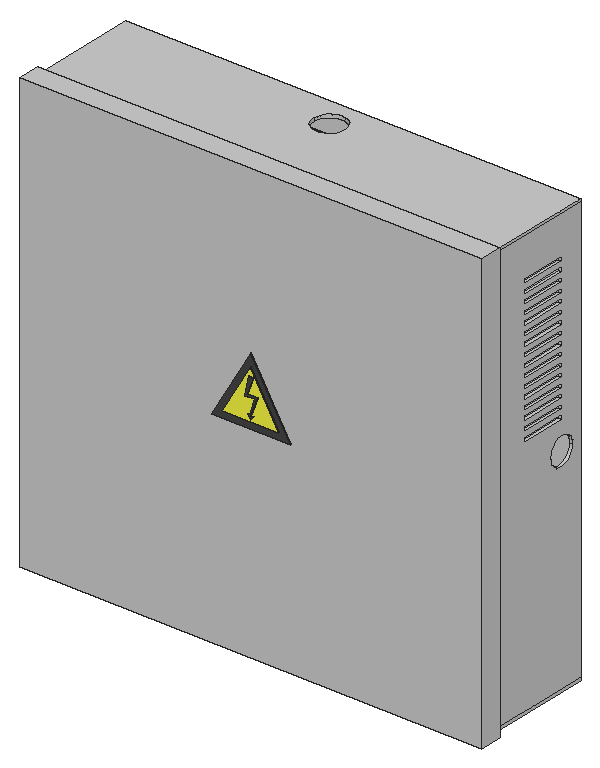
Revit family "STS-408К_RV17_LOD_400", category Электрооборудование, Revit 2017
Family settings
  Конфигурация панели = Два столбца, слева направо
  Размер круглого соединителя = Использовать диаметр
  Тип детали = Щит
  На основе рабочей плоскости = Нет
  Всегда вертикально = Да
  При загрузке вырезать с полостями = Нет
  Общий = Нет
  Точка расчета площади = Нет
Parameters (values of type "STS-408K")
  Стандарт интерфейса связи = "10 Base-T Ethernet (гнездо RJ-45)"
  Смещение_УГО_Y [instance] = 0 mm
  Смещение_УГО_X [instance] = 0 mm
  Раздел проекта [instance] = ""
  Раздел Спецификации [instance] = ""
  Напряжение электропитания переменного однофазного тока, В / Гц = 12
  Напряжение = "220"
  Максимальный ток, проходящий через реле, не более, А (для 28В) = 4 A
  Максимальный ток, проходящий через реле, не более, А (для 220В) = 2 A
  Максимальный потребляемый контроллером ток от сети переменного тока (без доп. внешних потребителей), А = 0.1 A
  Максимальное удаление считывающих = 100 mm
  Максимальное количество ключей = 40000
  Максимальное количество = 8
  Максимальное время работы в = 24
  Количество реле, шт. = 4
  Количество подключаемых устройств, = "2(4)"
  Количество подключаемых = 4
  Интерфейс считывающих устройств (1) = "Wiegand 40/42"
  Интерфейс считывающих устройств = "Wiegand 26"
  Интерфейс для подключения внешних = "RS-485"
  Видимость_дверь [instance] = yes
  В_Смещение_УГО_Y [instance] = Смещение_УГО_Y + 2000 mm  # 2000 mm
  В_Смещение_УГО_X [instance] = Смещение_УГО_X + 2000 mm  # 2000 mm
  АКБ [instance] = yes
  d короба [instance] = 20 mm
  ADSK_Размер_Ширина = 293 mm
  ADSK_Размер_Глубина = 84 mm
  ADSK_Размер_Высота = 278 mm
  ADSK_Примечание = ""
  ADSK_Наименование = "STS-408K"
  ADSK_Масса = 1.8
  ADSK_Марка = "СТВФ.426469.105"
  ADSK_Количество = 1
  ADSK_Завод-изготовитель = "ООО «Основа Безопасности»"  # constant formula
  ADSK_Единица измерения = "шт."  # constant formula
  ADSK_URL страницы изделия = "https://stilsoft.ru/products/sts-408k"
  ADSK_URL документации изделия = ""
Reference planes
  plane 1 "По центру (Вперед/Назад)": y = 0
  plane 2: z = 0
  plane 3 "По центру (Влево/Вправо)": x = 0
  plane 4: x = 146.5
  plane 5: x = -146.5
  plane 6 "0": y = -84
  plane 7: z = 278
  plane 8: x = -144.5
  plane 9 "левая грань": x = -144
  plane 10: x = -142
  plane 11: x = 144.5
  plane 12 "правая грань": x = 144
  plane 13: x = 142
  plane 14: y = -3
  plane 15 "стенка": y = -5
  plane 16 "дверь": y = -82
  plane 17: y = -81
  plane 18: y = -80
  plane 19 "вверх": z = 276
  plane 20: z = 274
  plane 21: z = 2
  plane 22: z = 4
  plane 23: y = 0
  plane 24: x = 0
  plane 25: y = 2000
  plane 26: x = -2000
Forms (mm)
  Extrusion 1, solid, material "корпус", detail levels medium+fine
    sketch origin (0, 0, 0) x (1, 0, 0) y (0, 1, 0)
      loop
        line (-142, -81) -> (-142, -5) -> (142, -5) -> (142, -81) -> (144, -81) -> (144, -3) -> (-144, -3) -> (-144, -81) -> (-142, -81)
    from 4 to 274
  Extrusion 2, solid, material "корпус", detail levels medium+fine
    sketch origin (0, 0, 0) x (1, 0, 0) y (0, 1, 0)
      loop
        line (-144, -3) -> (-144, -81) -> (144, -81) -> (144, -3) -> (-144, -3)
    from 2 to 4
  Extrusion 3, solid, material "корпус", detail levels medium+fine
    sketch origin (0, 0, 0) x (1, 0, 0) y (0, 1, 0)
      loop
        line (-144, -3) -> (-144, -81) -> (144, -81) -> (144, -3) -> (-144, -3)
    from 274 to 276
  Extrusion 4, solid, material "корпус", visible <- "Видимость_дверь", detail levels medium+fine
    sketch origin (0, -82, 0) x (-1, 0, 0) y (0, 0, 1)
      loop
        line (146.5, 278) -> (-146.5, 278) -> (-146.5, 0) -> (146.5, 0) -> (146.5, 278)
    from 0 to -2
  Extrusion 5, solid, material "корпус", visible <- "Видимость_дверь", detail levels medium+fine
    sketch origin (0, -82, 0) x (-1, 0, 0) y (0, 0, 1)
      loop
        line (146.5, 278) -> (-146.5, 278) -> (-146.5, 0) -> (146.5, 0) -> (146.5, 278)
      loop
        line (144.5, 276) -> (-144.5, 276) -> (-144.5, 2) -> (144.5, 2) -> (144.5, 276)
    from 0 to 12
  Extrusion 6, void, detail levels fine
    sketch origin (0, 0, 276) x (-1, 0, 0) y (0, -1, 0)
      loop
        circle (0, 22) r 10
    from 0 to -2
  Extrusion 7, void, detail levels fine
    sketch origin (-144, 0, 0) x (0, 1, 0) y (0, 0, 1)
      loop
        line (-18, 250) -> (-48, 250) -> (-48, 247) -> (-18, 247) -> (-18, 250)
      loop
        line (-18, 244) -> (-48, 244) -> (-48, 241) -> (-18, 241) -> (-18, 244)
      loop
        line (-18, 238) -> (-48, 238) -> (-48, 235) -> (-18, 235) -> (-18, 238)
      loop
        line (-18, 232) -> (-48, 232) -> (-48, 229) -> (-18, 229) -> (-18, 232)
      loop
        line (-18, 226) -> (-48, 226) -> (-48, 223) -> (-18, 223) -> (-18, 226)
      loop
        line (-18, 220) -> (-48, 220) -> (-48, 217) -> (-18, 217) -> (-18, 220)
      loop
        line (-18, 214) -> (-48, 214) -> (-48, 211) -> (-18, 211) -> (-18, 214)
      loop
        line (-18, 208) -> (-48, 208) -> (-48, 205) -> (-18, 205) -> (-18, 208)
      loop
        line (-18, 202) -> (-48, 202) -> (-48, 199) -> (-18, 199) -> (-18, 202)
      loop
        line (-18, 196) -> (-48, 196) -> (-48, 193) -> (-18, 193) -> (-18, 196)
      loop
        line (-18, 190) -> (-48, 190) -> (-48, 187) -> (-18, 187) -> (-18, 190)
      loop
        line (-18, 184) -> (-48, 184) -> (-48, 181) -> (-18, 181) -> (-18, 184)
      loop
        line (-18, 178) -> (-48, 178) -> (-48, 175) -> (-18, 175) -> (-18, 178)
      loop
        line (-18, 172) -> (-48, 172) -> (-48, 169) -> (-18, 169) -> (-18, 172)
      loop
        line (-18, 166) -> (-48, 166) -> (-48, 163) -> (-18, 163) -> (-18, 166)
      loop
        line (-18, 160) -> (-48, 160) -> (-48, 157) -> (-18, 157) -> (-18, 160)
    from 0 to 2
  Extrusion 8, void, detail levels fine
    sketch origin (-144, 0, 0) x (0, 1, 0) y (0, 0, 1)
      loop
        circle (-18, 139) r 9
    from 0 to 2
  Extrusion 9, void, detail levels fine
    sketch origin (144, 0, 0) x (0, -1, 0) y (0, 0, 1)
      loop
        line (18, 250) -> (18, 247) -> (48, 247) -> (48, 250) -> (18, 250)
      loop
        line (18, 244) -> (18, 241) -> (48, 241) -> (48, 244) -> (18, 244)
      loop
        line (18, 238) -> (18, 235) -> (48, 235) -> (48, 238) -> (18, 238)
      loop
        line (18, 232) -> (18, 229) -> (48, 229) -> (48, 232) -> (18, 232)
      loop
        line (18, 226) -> (18, 223) -> (48, 223) -> (48, 226) -> (18, 226)
      loop
        line (18, 220) -> (18, 217) -> (48, 217) -> (48, 220) -> (18, 220)
      loop
        line (18, 214) -> (18, 211) -> (48, 211) -> (48, 214) -> (18, 214)
      loop
        line (18, 208) -> (18, 205) -> (48, 205) -> (48, 208) -> (18, 208)
      loop
        line (18, 202) -> (18, 199) -> (48, 199) -> (48, 202) -> (18, 202)
      loop
        line (18, 196) -> (18, 193) -> (48, 193) -> (48, 196) -> (18, 196)
      loop
        line (18, 190) -> (18, 187) -> (48, 187) -> (48, 190) -> (18, 190)
      loop
        line (18, 184) -> (18, 181) -> (48, 181) -> (48, 184) -> (18, 184)
      loop
        line (18, 178) -> (18, 175) -> (48, 175) -> (48, 178) -> (18, 178)
      loop
        line (18, 172) -> (18, 169) -> (48, 169) -> (48, 172) -> (18, 172)
      loop
        line (18, 166) -> (18, 163) -> (48, 163) -> (48, 166) -> (18, 166)
      loop
        line (18, 160) -> (18, 157) -> (48, 157) -> (48, 160) -> (18, 160)
    from 0 to 2
  Extrusion 10, void, detail levels fine
    sketch origin (144, 0, 0) x (0, -1, 0) y (0, 0, 1)
      loop
        circle (18, 139) r 9
    from 0 to 2
  Extrusion 11, void, detail levels fine
    sketch origin (0, 0, 0) x (1, 0, 0) y (0, 1, 0)
      loop
        circle (-130, -19) r 10
    from 2 to 4
  Extrusion 12, solid, detail levels fine
    sketch origin (0, -5, 0) x (-1, 0, 0) y (0, 0, 1)
      loop
        line (89.5, 258) -> (-80.5, 258) -> (-80.5, 170) -> (89.5, 170) -> (89.5, 258)
    from 0 to -1
  Extrusion 13, solid, detail levels fine
    sketch origin (0, -5, 0) x (-1, 0, 0) y (0, 0, 1)
      loop
        line (128.5, 16) -> (128.5, 151) -> (68.5, 151) -> (68.5, 16) -> (128.5, 16)
    from 0 to -1
  Extrusion 14, solid, material "ЗНАЧЕК (1)", visible <- "Видимость_дверь", detail levels fine
    sketch origin (0, -84, 0) x (1, 0, 0) y (0, 0, 1)
      loop
        line (25, 130) -> (0, 173) -> (-25, 130) -> (25, 130)
    from 0 to 0.2
  Extrusion 15, solid, material "ЗНАЧЕК (2)", visible <- "Видимость_дверь", detail levels fine
    sketch origin (0, -84, 0) x (1, 0, 0) y (0, 0, 1)
      loop
        line (18, 134) -> (0, 165) -> (-18, 134) -> (18, 134)
    from 0 to 0.3
  Extrusion 16, solid, material "ЗНАЧЕК (1)"
    sketch origin (0, -84, 0) x (1, 0, 0) y (0, 0, 1)
      loop
        line (0, 159.8) -> (-1.4, 159.8) -> (-4.015, 147.497) -> (2.6, 148.075) -> (-0.309, 137.932) -> (-1.555, 137.932) -> (0, 135.238) -> (1.886, 137.932) -> (0.321, 137.932) -> (4.567, 149.598) -> (-2.041, 149.251) -> (1.799, 159.8) -> (0, 159.8)
    from 0 to 0.4
Cuts and joins
  joined: Extrusion 4, Extrusion 5
  Extrusion 6 cuts Extrusion 3
  Extrusion 7, Extrusion 8, Extrusion 9, Extrusion 10 cuts Extrusion 1
  Extrusion 11 cuts Extrusion 2
Dimensions and locks
  "ADSK_Размер_Ширина": plane 5 to plane 4
  "ADSK_Размер_Глубина": plane 6 "0" to plane 1 "По центру (Вперед/Назад)"
  "ADSK_Размер_Высота": plane 7 to level
  locked: plane 25 to plane 1 "По центру (Вперед/Назад)" at 2000
  locked: plane 26 to plane 3 "По центру (Влево/Вправо)" at 2000
  "В_Смещение_УГО_X": plane 26 to plane 24
  "В_Смещение_УГО_Y": plane 23 to plane 25
  aligned and locked: level to plane 2
  aligned and locked: nested 1 to plane 23
  aligned and locked: plane 24 to nested 1
  aligned and locked: nested 2 to cut or joined group of Extrusion 2, Extrusion 11
  aligned and locked: nested 2 to cut or joined group of Extrusion 1, Extrusion 7, Extrusion 8, Extrusion 9, Extrusion 10  (x2)
Automatic sketch dimensions
  Extrusion 1 sketch curve to plane 9 "левая грань" = 0 mm
  Extrusion 1 sketch curve to plane 10 = 0 mm
  Extrusion 1 sketch curve to plane 13 = 0 mm
  Extrusion 1 sketch curve to plane 12 "правая грань" = 0 mm
  Extrusion 1 sketch curve to plane 17 = 0 mm  (x2)
  Extrusion 1 sketch curve to plane 15 "стенка" = 0 mm
  Extrusion 1 sketch curve to plane 14 = 0 mm
  Extrusion 2 sketch curve to plane 9 "левая грань" = 0 mm
  Extrusion 2 sketch curve to plane 12 "правая грань" = 0 mm
  Extrusion 2 sketch curve to plane 17 = 0 mm
  Extrusion 2 sketch curve to plane 14 = 0 mm
  Extrusion 3 sketch curve to plane 9 "левая грань" = 0 mm
  Extrusion 3 sketch curve to plane 12 "правая грань" = 0 mm
  Extrusion 3 sketch curve to plane 17 = 0 mm
  Extrusion 3 sketch curve to plane 14 = 0 mm
  Extrusion 4 sketch curve to plane 4 = 0 mm
  Extrusion 4 sketch curve to level = 0 mm
  plane 5 to Extrusion 4 sketch curve = 0 mm
  Extrusion 4 sketch curve to plane 7 = 0 mm
  Extrusion 5 sketch curve to plane 4 = 0 mm
  plane 11 to Extrusion 5 sketch curve = 0 mm
  Extrusion 5 sketch curve to plane 8 = 0 mm
  plane 5 to Extrusion 5 sketch curve = 0 mm
  Extrusion 5 sketch curve to level = 0 mm
  Extrusion 5 sketch curve to plane 21 = 0 mm
  Extrusion 5 sketch curve to plane 19 "вверх" = 0 mm
  Extrusion 5 sketch curve to plane 7 = 0 mm
  Extrusion 6 sketch curve to plane 3 "По центру (Влево/Вправо)" = 0 mm
  Extrusion 6 sketch curve to plane 15 "стенка" = 17 mm
  plane 18 to Extrusion 7 sketch curve = 32 mm  (x2)
  Extrusion 7 sketch curve to Extrusion 7 sketch curve = 0 mm  (x29)
  Extrusion 7 sketch curve to plane 15 "стенка" = 13 mm
  Extrusion 7 sketch curve to plane 20 = 117 mm
  Extrusion 7 sketch curve to Extrusion 7 sketch curve = 3 mm  (x31)
  Extrusion 8 sketch curve to plane 15 "стенка" = 13 mm
  Extrusion 8 sketch curve to plane 20 = 135 mm
  Extrusion 9 sketch curve to plane 15 "стенка" = 13 mm  (x2)
  Extrusion 9 sketch curve to Extrusion 9 sketch curve = 0 mm  (x29)
  Extrusion 9 sketch curve to Extrusion 9 sketch curve = 30 mm
  Extrusion 9 sketch curve to plane 20 = 117 mm
  Extrusion 9 sketch curve to Extrusion 9 sketch curve = 3 mm  (x31)
  Extrusion 10 sketch curve to plane 15 "стенка" = 13 mm
  Extrusion 10 sketch curve to plane 20 = 135 mm
  plane 10 to Extrusion 11 sketch curve = 12 mm
  Extrusion 11 sketch curve to plane 15 "стенка" = 14 mm
  plane 13 to Extrusion 12 sketch curve = 61.5 mm
  Extrusion 12 sketch curve to Extrusion 12 sketch curve = 88 mm
  plane 10 to Extrusion 12 sketch curve = 52.5 mm
  Extrusion 12 sketch curve to plane 20 = 16 mm
  plane 10 to Extrusion 13 sketch curve = 13.5 mm
  Extrusion 13 sketch curve to Extrusion 13 sketch curve = 60 mm
  Extrusion 13 sketch curve to plane 20 = 123 mm
  plane 22 to Extrusion 13 sketch curve = 12 mm
  plane 3 "По центру (Влево/Вправо)" to Extrusion 14 sketch curve = 25 mm
  Extrusion 14 sketch curve to plane 20 = 101 mm
  Extrusion 14 sketch curve to plane 3 "По центру (Влево/Вправо)" = 25 mm
  Extrusion 14 sketch curve to plane 3 "По центру (Влево/Вправо)" = 0 mm
  Extrusion 14 sketch curve to Extrusion 14 sketch curve = 43 mm
  Extrusion 15 sketch curve to plane 3 "По центру (Влево/Вправо)" = 0 mm
  plane 3 "По центру (Влево/Вправо)" to Extrusion 15 sketch curve = 18 mm
  Extrusion 15 sketch curve to plane 3 "По центру (Влево/Вправо)" = 18 mm
  plane 22 to Extrusion 15 sketch curve = 130 mm
  Extrusion 15 sketch curve to Extrusion 15 sketch curve = 31 mm
  Extrusion 16 sketch curve to plane 3 "По центру (Влево/Вправо)" = 0 mm  (x2)
  Extrusion 16 sketch curve to plane 3 "По центру (Влево/Вправо)" = 0.309 mm
  Extrusion 16 sketch curve to plane 3 "По центру (Влево/Вправо)" = 1.4 mm
  Extrusion 16 sketch curve to Extrusion 16 sketch curve = 1.246 mm
  Extrusion 16 sketch curve to plane 3 "По центру (Влево/Вправо)" = 4.015 mm
  plane 3 "По центру (Влево/Вправо)" to Extrusion 16 sketch curve = 0.321 mm
  plane 3 "По центру (Влево/Вправо)" to Extrusion 16 sketch curve = 1.799 mm
  Extrusion 16 sketch curve to Extrusion 16 sketch curve = 1.565 mm
  plane 3 "По центру (Влево/Вправо)" to Extrusion 16 sketch curve = 2.6 mm
  Extrusion 16 sketch curve to Extrusion 16 sketch curve = 1.968 mm
  plane 22 to Extrusion 16 sketch curve = 131.238 mm
  Extrusion 16 sketch curve to Extrusion 16 sketch curve = 2.694 mm
  Extrusion 16 sketch curve to Extrusion 16 sketch curve = 0 mm
  Extrusion 16 sketch curve to Extrusion 16 sketch curve = 9.564 mm
  Extrusion 16 sketch curve to Extrusion 16 sketch curve = 0.579 mm
  Extrusion 16 sketch curve to Extrusion 16 sketch curve = 1.522 mm
  Extrusion 16 sketch curve to plane 3 "По центру (Влево/Вправо)" = 2.041 mm
  Extrusion 16 sketch curve to Extrusion 16 sketch curve = 1.755 mm
  Extrusion 16 sketch curve to Extrusion 16 sketch curve = 10.549 mm
  radius of Extrusion 6 sketch curve = 10 mm
  radius of Extrusion 8 sketch curve = 9 mm
  radius of Extrusion 10 sketch curve = 9 mm
  radius of Extrusion 11 sketch curve = 10 mm
Nested families
  nested 1: "УГО_Контроллер" at (0, 0, 0), type "УГО_Контроллер"
  nested 2: "АКБ" at (66.5, -5, 4), visible <- "АКБ", type "АКБ"
Connectors
  electrical at (0, -22, 274)
    settings: on cut or joined group of Extrusion 3, Extrusion 6, index 1, voltage 0 V, apparent load 0 VA, apparent load phase1 0 VA, apparent load phase2 0 VA, apparent load phase3 0 VA, power factor 1, load classification "Прочее", number of poles 1, system type 31, power factor state 1, is connector primary yes, connector utility no, sub classification motor no, connector description ""
  cabletrayconduit at (0, -22, 276), diameter 20, driven by "d короба"
    settings: on cut or joined group of Extrusion 3, Extrusion 6, index 2, connector width 300 mm, connector height 300 mm, connector angle 0.00°, system type 32, placement type 0, profile type 0, connector reference index -1, is primary connector yes, connector utility param no, connector description ""
  electrical at (142, -18, 139)
    settings: on cut or joined group of Extrusion 1, Extrusion 7, Extrusion 8, Extrusion 9, Extrusion 10, index 3, voltage 0 V, apparent load 0 VA, apparent load phase1 0 VA, apparent load phase2 0 VA, apparent load phase3 0 VA, power factor 1, load classification "Прочее", number of poles 1, system type 14, power factor state 1, is connector primary no, connector utility no, sub classification motor no, connector description ""
  cabletrayconduit at (142, -18, 139), diameter 20, driven by "d короба"
    settings: on cut or joined group of Extrusion 1, Extrusion 7, Extrusion 8, Extrusion 9, Extrusion 10, index 4, connector width 300 mm, connector height 300 mm, connector angle 0.00°, system type 32, placement type 0, profile type 0, connector reference index -1, is primary connector no, connector utility param no, connector description ""
  electrical at (-142, -18, 139)
    settings: on cut or joined group of Extrusion 1, Extrusion 7, Extrusion 8, Extrusion 9, Extrusion 10, index 5, voltage 0 V, apparent load 0 VA, apparent load phase1 0 VA, apparent load phase2 0 VA, apparent load phase3 0 VA, power factor 1, load classification "Прочее", number of poles 1, system type 14, power factor state 1, is connector primary no, connector utility no, sub classification motor no, connector description ""
  cabletrayconduit at (-142, -18, 139), diameter 20, driven by "d короба"
    settings: on cut or joined group of Extrusion 1, Extrusion 7, Extrusion 8, Extrusion 9, Extrusion 10, index 6, connector width 300 mm, connector height 300 mm, connector angle 0.00°, system type 32, placement type 0, profile type 0, connector reference index -1, is primary connector no, connector utility param no, connector description ""
  electrical at (-130, -19, 4)
    settings: on cut or joined group of Extrusion 2, Extrusion 11, index 7, voltage 0 V, apparent load 0 VA, apparent load phase1 0 VA, apparent load phase2 0 VA, apparent load phase3 0 VA, power factor 1, load classification "Прочее", number of poles 1, system type 14, power factor state 1, is connector primary no, connector utility no, sub classification motor no, connector description ""
  cabletrayconduit at (-130, -19, 4), diameter 20, driven by "d короба"
    settings: on cut or joined group of Extrusion 2, Extrusion 11, index 8, connector width 300 mm, connector height 300 mm, connector angle 0.00°, system type 32, placement type 0, profile type 0, connector reference index -1, is primary connector no, connector utility param no, connector description ""
Definition of nested family "АКБ"
  Parameters (values of type "АКБ")
    ADSK_Размер_Ширина = 151 mm
    ADSK_Размер_Глубина = 65 mm
    ADSK_Размер_Высота = 92 mm
  Reference planes
    plane 1 "По центру (Вперед/Назад)": y = 0
    plane 2: z = 0
    plane 3 "По центру (Влево/Вправо)": x = 0
    plane 4: y = -65
    plane 5: x = 75.5
    plane 6: x = -75.5
    plane 7: z = 92
  Forms (mm)
    Extrusion 1, solid
      sketch origin (0, 0, 0) x (1, 0, 0) y (0, 1, 0)
        loop
          line (-75.5, 0) -> (-75.5, -65) -> (75.5, -65) -> (75.5, 0) -> (-75.5, 0)
      from 0 to 92
  Dimensions and locks
    "ADSK_Размер_Ширина": plane 6 to plane 5
    "ADSK_Размер_Глубина": plane 4 to plane 1 "По центру (Вперед/Назад)"
    "ADSK_Размер_Высота": plane 7 to level
    aligned and locked: level to plane 2
  Automatic sketch dimensions
    Extrusion 1 sketch curve to plane 4 = 0 mm
    Extrusion 1 sketch curve to plane 6 = 0 mm
    Extrusion 1 sketch curve to plane 5 = 0 mm
    plane 1 "По центру (Вперед/Назад)" to Extrusion 1 sketch curve = 0 mm
Definition of nested family "УГО_Контроллер"
  Reference planes
    plane 1: y = 0
    plane 2: x = 0
  Lines and regions (mm)
    Filled region 1, type "Цветовая область 1"
      outline origin (0, 0, 0) x (1, 0, 0) y (0, 1, 0)
        loop
          line (0, -2.5) -> (0, -5) -> (5, -5) -> (5, -2.5) -> (0, -2.5)
    detail lines
      curve 1: line (5, 0, 0) -> (5, -5, 0)
      curve 2: line (5, -5, 0) -> (-5, -5, 0)
      curve 3: line (-5, -5, 0) -> (-5, 0, 0)
      curve 4: line (-5, 0, 0) -> (5, 0, 0)
      curve 5: line (5, -2.5, 0) -> (0, -2.5, 0)
      curve 6: line (0, -2.5, 0) -> (0, -5, 0)
